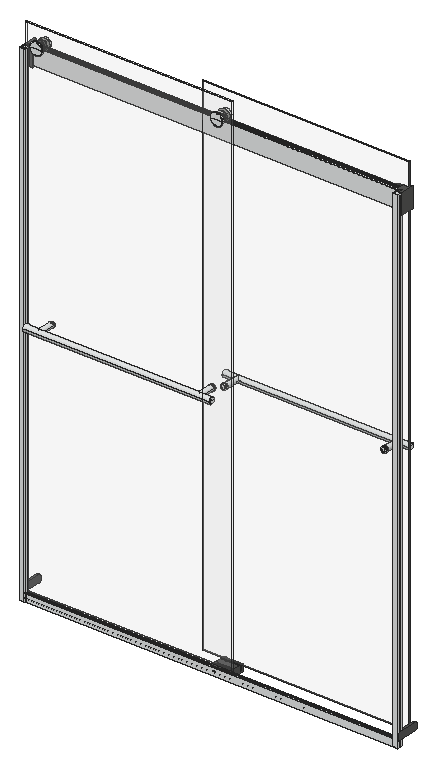
Revit family "Shower-Shower_Door-KOHLER-Levity_Plus-K-702424_1", category Specialty Equipment, host Face, Revit 2022
Family settings
  Host = Face
  Round Connector Dimension = Use Diameter
  Part Type = Normal
  OmniClass Number = 23.31.17.17
  OmniClass Title = Shower Enclosures
  Cut with Voids When Loaded = No
  Maintain Annotation Orientation = No
  Shared = No
  Room Calculation Point = No
Parameters (values of type "SHP-Bright Polished Silver")
  Width [instance] = Walk Thru + 199/256" + 31 81/256"  # 56 169/256"
  WaterSense Certified = 1 = 0  # no
  Walk Thru [instance] = 24 145/256"
  URL = "https://www.us.kohler.com/us/"
  Type = 1
  Product Page URL = "http://www.us.kohler.com/us/catalog/productDetails.jsp?productId=702424-L"
  Product Name = "Levity Plus"  # constant formula
  Product Documentation Link = "https://www.us.kohler.com/webassets/kpna/catalog/pdf/en/K-702424-L_spec_US-CA_Kohler_en.pdf"
  Model = if(Type = 1, "K-702424-L-SHP", if(Type = 2, "K-702424-L-BNK", if(Type = 3, "K-702424-L-BL", if(Type = 4, "K-702424-L-2MB", "NA"))))  # "K-702424-L-SHP"
  Material = "Premium Metal Construction"  # constant formula
  Master Format 2014 Name = "Shower Doors"  # constant formula
  Master Format 2014 = "10 28 19.16"  # constant formula
  Manufacturer Address = "444 Highland Dr, Kohler, WI 53044"  # constant formula
  Manufacturer = "KOHLER Co."  # constant formula
  Length = 6 119/128"  # constant formula
  Height = 77 143/256"  # constant formula
  Finish = Kohler-Metal-SHP-Bright_Polished_Silver
  Environmental Product Declaration = ""
  Description = "5/16 SHOWER DOOR 78 X 59 5/8 TOWEL BAR"  # constant formula
  Default Elevation = 4"
  Declare Label = ""
  Date Modified = "03/22/2022"  # constant formula
  Date Created = "03/22/2022"  # constant formula
  Copyright = "Copyright KOHLER Co."  # constant formula
  Contact Us = "https://www.us.kohler.com/us/static/contact.jsp"
  Assembly Code = "C1030200"
  ADA Compliant = 1 = 0  # no
Reference planes (in)
  plane 1 "Center (Front/Back)": y = 0
  plane 2: z = 0
  plane 3 "Center (Left/Right)": x = 0
  plane 4: x = 24.56641
  plane 5: x = 25.34402
  plane 6: x = -1.99865
  plane 7: x = -28.99865
  plane 8: x = -27.24865
  plane 9: x = -31.31614
  plane 10: x = -0.98122
  plane 11: y = 4.34261
  plane 12: y = 4.34261
  plane 13: y = 3.91774
  plane 14: y = -0.5592
  plane 15: y = -2.58708
  plane 16: z = 77.55859
  plane 17: z = 74.76536
  plane 18: z = 71.5748
  plane 19: z = 74.13386
  plane 20: x = 23.02719
  plane 21: z = 37.83465
  plane 22: y = -2.14289
  plane 23: x = -2.50477
  plane 24: x = -4.48344
  plane 25: x = 21.49523
  plane 26: x = 23.49523
  plane 27: x = -27.49125
  plane 28: x = -29.49125
  plane 29: x = -3.49125
Dimensions and locks (in)
  "Walk Thru": plane 4 to plane 3 "Center (Left/Right)"
  "Width": plane 9 to plane 5
  "Length": plane 12 to plane 15
  locked: plane 4 to plane 5 at 0.77761
  locked: plane 4 to plane 20 at 1.53921
  "Height": plane 16 to level
  locked: plane 26 to plane 5 at 1.84879
  locked: plane 25 to plane 5 at 3.84879
  locked: plane 23 to plane 25 at 24
  locked: plane 24 to plane 23 at 1.97866
  plane 18 to level = 71.5748"
  plane 19 to plane 18 = 2.55906"
  plane 21 to level = 37.83465"
  aligned and locked: plane 2 to host face
  aligned and locked: level to host face
  aligned and locked: plane 3 "Center (Left/Right)" to nested 1
  aligned and locked: plane 4 to nested 1
Automatic sketch dimensions
  host sketch curve to host sketch curve = 96"  (x2)
Nested families (in)
  nested 1: "K-702424" at (0, -0.5592, 0), type "K-702424"
Definition of nested family "K-702424"
  Parameters (values of type "K-702424")
    Width = Walk Thru + 0.77559" + 31.31496"  # 56.61811"
    Walk Thru = 24.52756"
    Material = none
    Default Elevation = 0"
  Reference planes (in)
    plane 1 "Center (Front/Back)": y = 0
    plane 2: z = 0
    plane 3 "Center (Left/Right)": x = 0
    plane 4: x = -31.3134
    plane 5: x = 24.52756
    plane 6: x = 25.30471
    plane 7 "E": x = 21.23835
    plane 8 "A": z = 74.76536
    plane 9: x = -1.99865
    plane 10: y = -2.02733
    plane 11: y = 4.9018
    plane 12: y = -1.5837
    plane 13: y = 4.47693
    plane 14 "C": x = 22.98835
    plane 15 "D": x = -4.01225
    plane 16: x = 24.96424
    plane 17 "AB": z = 77.55906
    plane 18: z = 74.76536
    plane 19: z = 71.5748
    plane 20: z = 74.13386
    plane 21 "B": z = 37.83465
    plane 22: x = -29.49125
    plane 23: x = -1.49125
    plane 24: x = 23.45638
    plane 25: x = -4.54362
    plane 26 "AC": x = -2.54362
    plane 27 "AD": x = 21.45638
    plane 28: x = -3.49125
    plane 29: x = -3.88495
  Forms (in)
    Extrusion 1, solid
      sketch origin (0, 0, 0) x (1, 0, 0) y (0, 1, 0)
        loop
          line (-31.3134, 2.37158) -> (-31.3134, 0.38563)
          arc (-31.3134, 0.38563) -> (-31.30418, 0.36336) -> (-31.28191, 0.35413) r 0.0315
          line (-31.28191, 0.35413) -> (-31.02523, 0.35413)
          arc (-31.02523, 0.35413) -> (-31.00295, 0.36336) -> (-30.99373, 0.38563) r 0.0315
          line (-30.99373, 0.38563) -> (-30.99373, 0.85734)
          arc (-30.99373, 0.85734) -> (-30.9845, 0.87961) -> (-30.96223, 0.88884) r 0.0315
          line (-30.96223, 0.88884) -> (-30.36006, 0.88884)
          arc (-30.36006, 0.88884) -> (-30.33857, 0.89774) -> (-30.32966, 0.91923) r 0.03039
          line (-30.32966, 0.91923) -> (-30.32966, 2.02115) -> (-30.99701, 2.02858) -> (-30.99701, 2.37088)
          arc (-30.99701, 2.37088) -> (-31.00624, 2.39315) -> (-31.02851, 2.40237) r 0.0315
          line (-31.02851, 2.40237) -> (-31.28261, 2.40237)
          arc (-31.28261, 2.40237) -> (-31.30439, 2.39336) -> (-31.3134, 2.37158) r 0.03079
      from 71.33897 to 74.35081
    Extrusion 2, solid, material <- "Material", detail levels medium+fine
      sketch origin (0, 0, 0) x (1, 0, 0) y (0, 1, 0)
        loop
          line (-30.99165, 0.20982) -> (-30.99165, -0.20982) -> (-30.79705, -0.20982) -> (-30.79705, -0.27247) -> (-31.25589, -0.27247) -> (-31.25589, -0.30702) -> (-30.6559, -0.32797)
          arc (-30.6559, -0.32797) -> (-30.58047, -0.29901) -> (-30.5489, -0.22464) r 0.10339
          line (-30.5489, -0.22464) -> (-30.5489, 0.22464)
          arc (-30.5489, 0.22464) -> (-30.58047, 0.29901) -> (-30.6559, 0.32797) r 0.10339
          line (-30.6559, 0.32797) -> (-31.25589, 0.30702) -> (-31.25589, 0.27247) -> (-30.79705, 0.27247) -> (-30.79705, 0.20982) -> (-30.99165, 0.20982)
        loop
          line (-31.3134, 0.20982) -> (-31.12433, 0.20982) -> (-31.12433, 0) -> (-31.12433, -0.20982) -> (-31.3134, -0.20982) -> (-31.3134, -0.25253) -> (-31.08302, -0.25253) -> (-31.08302, 0) -> (-31.08302, 0.25253) -> (-31.3134, 0.25253) -> (-31.3134, 0.20982)
      from 0.08036 to 74.31431
    Extrusion 3, solid, material <- "Material", detail levels medium+fine
      sketch origin (0, 0, 0) x (1, 0, 0) y (0, 1, 0)
        loop
          line (-30.6559, 0.32797) -> (-31.25589, 0.30702) -> (-31.25589, 0.25253) -> (-31.3134, 0.25253) -> (-31.3134, -0.25253) -> (-31.25589, -0.25253) -> (-31.25589, -0.30702) -> (-30.6559, -0.32797)
          arc (-30.6559, -0.32797) -> (-30.58047, -0.29901) -> (-30.5489, -0.22464) r 0.10339
          line (-30.5489, -0.22464) -> (-30.5489, 0.22464)
          arc (-30.5489, 0.22464) -> (-30.58047, 0.29901) -> (-30.6559, 0.32797) r 0.10339
      from 74.31431 to 74.35081
    Extrusion 4, solid
      sketch origin (0, 0, 0) x (0, 1, 0) y (0, 0, 1)
        loop
          line (2.917, 2.13263) -> (-0.20982, 2.13263) -> (-0.20982, 1.05663) -> (2.93672, 1.05663)
          arc (2.93672, 1.05663) -> (3.10579, 1.12666) -> (3.17581, 1.29573) r 0.23909
          line (3.17581, 1.29573) -> (3.17581, 1.87382)
          arc (3.17581, 1.87382) -> (3.10001, 2.05683) -> (2.917, 2.13263) r 0.25882
      from -30.99165 to -31.3134
    Extrusion 5, solid, material <- "Material"
      sketch origin (0, 0, 0) x (0, 1, 0) y (0, 0, 1)
        loop
          arc (0, 0.33997) -> (0.03474, 0.38326) -> (0.08453, 0.35871) r 0.04434
          line (0.08453, 0.35871) -> (0.11423, 0.29502)
          arc (0.11423, 0.29502) -> (0.14686, 0.27839) -> (0.17089, 0.30603) r 0.02975
          line (0.17089, 0.30603) -> (0.20017, 0.86474)
          arc (0.20017, 0.86474) -> (0.19197, 0.88698) -> (0.17019, 0.89634) r 0.03002
          line (0.17019, 0.89634) -> (0.02343, 0.89634)
          arc (0.02343, 0.89634) -> (-0.02199, 0.94176) -> (0.02343, 0.98718) r 0.04542
          line (0.02343, 0.98718) -> (0.19567, 0.98718)
          arc (0.19567, 0.98718) -> (0.19347, 1.02749) -> (0.15814, 1.04703) r 0.04169
          line (0.15814, 1.04703) -> (-0.19878, 1.04703) -> (-0.19878, 0) -> (0.49474, 0) -> (0.49474, 0.07959) -> (0.14319, 0.07959)
          arc (0.14319, 0.07959) -> (0.04194, 0.12153) -> (0, 0.22278) r 0.14319
          line (0, 0.22278) -> (0, 0.33997)
        loop
          line (0.53901, 0.96058) -> (0.10163, 0.96058)
          arc (0.10163, 0.96058) -> (0.08163, 0.94058) -> (0.10163, 0.92059) r 0.01999
          line (0.10163, 0.92059) -> (0.53901, 0.92059)
          arc (0.53901, 0.92059) -> (0.559, 0.94058) -> (0.53901, 0.96058) r 0.01999
      from -30.99165 to 24.52756
    Revolve 6, solid, material <- "Material", detail levels medium+fine
      sketch origin (27, 0, 74.76536) x (0, -1, 0) y (1, 0, 0)
        loop
          line (0.14044, -28.99865) -> (-1.79905, -28.99865) -> (-1.79905, -29.69269) -> (-1.43263, -29.69269) -> (-1.43263, -29.74488)
          arc (-1.43263, -29.74488) -> (-1.24562, -29.80339) -> (-1.05861, -29.74488) r 0.32812
          line (-1.05861, -29.74488) -> (-1.05861, -29.53477) -> (-0.92215, -29.53477) -> (-0.92215, -29.73162) -> (-0.7253, -29.73162) -> (-0.7253, -29.46245) -> (-0.36761, -29.46245) -> (-0.36761, -29.6593) -> (-0.06827, -29.6593) -> (-0.06827, -29.89414) -> (-0.02811, -29.93431) -> (0.09751, -29.93431) -> (0.14044, -29.89138) -> (0.14044, -28.99865)
        axis (0.14044, -28.99865) -> (-1.79905, -28.99865)
      angle from 0 to 360
    Revolve 7, solid, material <- "Material", detail levels medium+fine
      sketch origin (0, 0, 74.76536) x (0, -1, 0) y (1, 0, 0)
        loop
          line (0.14044, -28.99865) -> (-1.79905, -28.99865) -> (-1.79905, -29.69269) -> (-1.43263, -29.69269) -> (-1.43263, -29.74488)
          arc (-1.43263, -29.74488) -> (-1.24562, -29.80339) -> (-1.05861, -29.74488) r 0.32812
          line (-1.05861, -29.74488) -> (-1.05861, -29.53477) -> (-0.92215, -29.53477) -> (-0.92215, -29.73162) -> (-0.7253, -29.73162) -> (-0.7253, -29.46245) -> (-0.36761, -29.46245) -> (-0.36761, -29.6593) -> (-0.06827, -29.6593) -> (-0.06827, -29.89414) -> (-0.02811, -29.93431) -> (0.09751, -29.93431) -> (0.14044, -29.89138) -> (0.14044, -28.99865)
        axis (0.14044, -28.99865) -> (-1.79905, -28.99865)
      angle from 0 to 360
    Extrusion 8, solid, material <- "Material", detail levels medium+fine
      sketch origin (0, 0, 0) x (0, 1, 0) y (0, 0, 1)
        loop
          line (0.97838, 74.09449) -> (0.97838, 71.53543) -> (1.85747, 71.53543)
          arc (1.85747, 71.53543) -> (1.9, 71.55305) -> (1.91761, 71.59558) r 0.06014
          line (1.91761, 71.59558) -> (1.91761, 71.86685)
          arc (1.91761, 71.86685) -> (1.89894, 71.92322) -> (1.85029, 71.95728) r 0.0944
          line (1.85029, 71.95728) -> (1.85029, 71.88022) -> (1.65621, 71.78388) -> (1.38912, 71.90889) -> (1.38912, 73.51607)
          arc (1.38912, 73.51607) -> (1.41101, 73.5689) -> (1.46384, 73.59079) r 0.07472
          line (1.46384, 73.59079) -> (1.84605, 73.59079) -> (1.84605, 73.41713) -> (1.8957, 73.41713)
          arc (1.8957, 73.41713) -> (1.91735, 73.42609) -> (1.92632, 73.44774) r 0.03062
          line (1.92632, 73.44774) -> (1.92632, 74.04029)
          arc (1.92632, 74.04029) -> (1.91044, 74.07861) -> (1.87212, 74.09449) r 0.0542
          line (1.87212, 74.09449) -> (1.69975, 74.09449) -> (1.69975, 74.01045) -> (1.81407, 74.01045)
          arc (1.81407, 74.01045) -> (1.84489, 73.99768) -> (1.85765, 73.96686) r 0.04358
          line (1.85765, 73.96686) -> (1.85765, 73.8136) -> (1.31287, 73.8136) -> (1.31287, 73.88222) -> (1.44737, 73.94211) -> (1.44737, 73.98613)
          arc (1.44737, 73.98613) -> (1.43926, 74.00107) -> (1.42231, 74.0024) r 0.01781
          line (1.42231, 74.0024) -> (1.24538, 73.92362) -> (1.04592, 74.01243) -> (1.04592, 74.07466)
          arc (1.04592, 74.07466) -> (1.04011, 74.08868) -> (1.02609, 74.09449) r 0.01983
          line (1.02609, 74.09449) -> (0.97838, 74.09449)
      from -30.58824 to 24.52756
    Extrusion 9, solid
      sketch origin (0, 0, 74.76536) x (0, -1, 0) y (1, 0, 0)
        loop
          line (-0.7253, -0.06152) -> (-0.7253, -30.93579)
          arc (-0.7253, -30.93579) -> (-0.5693, -30.99187) -> (-0.4133, -30.93579) r 0.24502
          line (-0.4133, -30.93579) -> (-0.4133, -0.06152)
          arc (-0.4133, -0.06152) -> (-0.5693, 0.00135) -> (-0.7253, -0.06152) r 0.225
      from 2.7937 to -73.70872
    Extrusion 10, solid
      sketch origin (0, 0, 0) x (0, 1, 0) y (0, 0, 1)
        loop
          line (2.79395, 0) -> (2.73913, 1.04611)
          arc (2.73913, 1.04611) -> (2.73201, 1.06155) -> (2.71622, 1.06785) r 0.02294
          line (2.71622, 1.06785) -> (2.58256, 1.06785)
          arc (2.58256, 1.06785) -> (2.56781, 1.06181) -> (2.56152, 1.04717) r 0.02105
          line (2.56152, 1.04717) -> (2.54725, 0.22974)
          arc (2.54725, 0.22974) -> (2.52045, 0.16735) -> (2.45761, 0.14164) r 0.08966
          line (2.45761, 0.14164) -> (2.27292, 0.14164)
          arc (2.27292, 0.14164) -> (2.21358, 0.16532) -> (2.18684, 0.22333) r 0.0862
          line (2.18684, 0.22333) -> (2.14487, 1.02412)
          arc (2.14487, 1.02412) -> (2.13055, 1.05518) -> (2.09879, 1.06785) r 0.04614
          line (2.09879, 1.06785) -> (1.06637, 1.06785)
          arc (1.06637, 1.06785) -> (1.03461, 1.05518) -> (1.02029, 1.02412) r 0.04614
          line (1.02029, 1.02412) -> (0.97833, 0.22333)
          arc (0.97833, 0.22333) -> (0.95158, 0.16532) -> (0.89225, 0.14164) r 0.0862
          line (0.89225, 0.14164) -> (0.70755, 0.14164)
          arc (0.70755, 0.14164) -> (0.64471, 0.16735) -> (0.61791, 0.22974) r 0.08966
          line (0.61791, 0.22974) -> (0.60364, 1.04717)
          arc (0.60364, 1.04717) -> (0.59735, 1.06181) -> (0.5826, 1.06785) r 0.02105
          line (0.5826, 1.06785) -> (0.30693, 1.06785) -> (0.30693, 0.16201) -> (0.47604, 0.16201)
          arc (0.47604, 0.16201) -> (0.50033, 0.15195) -> (0.51039, 0.12766) r 0.03435
          line (0.51039, 0.12766) -> (0.51039, 0.08994)
          arc (0.51039, 0.08994) -> (0.52098, 0.06032) -> (0.54793, 0.04411) r 0.04675
          arc (0.54793, 0.04411) -> (0.76846, 0.01105) -> (0.99117, 0) r 2.24921
          line (0.99117, 0) -> (2.79395, 0)
      from -3.12027 to -0.34077
    Revolve 11, solid, material <- "Material"
      sketch origin (-4.01225, 0, 0) x (0, 0, -1) y (0, -1, 0)
        loop
          line (-73.55511, -2.99093) -> (-73.51433, -3.03171) -> (-72.61552, -3.03171) -> (-72.61552, -1.91129) -> (-73.35161, -1.91129) -> (-73.35161, -2.16793) -> (-73.2217, -2.16793) -> (-73.2217, -2.52933) -> (-73.27972, -2.52933) -> (-73.27972, -2.82297) -> (-73.51347, -2.82297) -> (-73.55511, -2.86461) -> (-73.55511, -2.99093)
        axis (-72.61552, -1.91129) -> (-72.61552, -3.03171)
      angle from 0 to 360
    Revolve 12, solid, material <- "Material"
      sketch origin (22.98835, 0, 0) x (0, 0, -1) y (0, -1, 0)
        loop
          line (-73.55511, -2.99093) -> (-73.51433, -3.03171) -> (-72.61552, -3.03171) -> (-72.61552, -1.91129) -> (-73.35161, -1.91129) -> (-73.35161, -2.16793) -> (-73.2217, -2.16793) -> (-73.2217, -2.52933) -> (-73.27972, -2.52933) -> (-73.27972, -2.82297) -> (-73.51347, -2.82297) -> (-73.55511, -2.86461) -> (-73.55511, -2.99093)
        axis (-72.61552, -1.91129) -> (-72.61552, -3.03171)
      angle from 0 to 360
    Extrusion 13, solid
      sketch origin (0, 0, 74.76536) x (0, -1, 0) y (1, 0, 0)
        loop
          line (-2.40428, 25.30471) -> (-2.40428, 25.10325)
          arc (-2.40428, 25.10325) -> (-2.37444, 25.03121) -> (-2.30241, 25.00137) r 0.10187
          line (-2.30241, 25.00137) -> (-2.09932, 25.00137)
          arc (-2.09932, 25.00137) -> (-2.03657, 24.97538) -> (-2.01058, 24.91264) r 0.08874
          line (-2.01058, 24.91264) -> (-2.01058, 24.37646)
          arc (-2.01058, 24.37646) -> (-1.99255, 24.33292) -> (-1.949, 24.31488) r 0.06158
          line (-1.949, 24.31488) -> (-0.96774, 24.31488)
          arc (-0.96774, 24.31488) -> (-0.9202, 24.33457) -> (-0.90051, 24.38212) r 0.06723
          line (-0.90051, 24.38212) -> (-0.90051, 24.89203)
          arc (-0.90051, 24.89203) -> (-0.8829, 24.93455) -> (-0.84038, 24.95216) r 0.06013
          line (-0.84038, 24.95216) -> (-0.37453, 24.95216)
          arc (-0.37453, 24.95216) -> (-0.34132, 24.96592) -> (-0.32756, 24.99913) r 0.04697
          line (-0.32756, 24.99913) -> (-0.32756, 25.30471) -> (-2.40428, 25.30471)
      from -0.4295 to -3.42639
    Extrusion 14, solid
      sketch origin (0, 0, 0) x (0, 1, 0) y (0, 0, -1)
        loop
          arc (2.917, -2.13263) -> (3.10001, -2.05683) -> (3.17581, -1.87382) r 0.25882
          line (3.17581, -1.87382) -> (3.17581, -1.29573)
          arc (3.17581, -1.29573) -> (3.10579, -1.12666) -> (2.93672, -1.05663) r 0.23909
          line (2.93672, -1.05663) -> (-0.23901, -1.05663) -> (-0.23901, -2.13263) -> (2.917, -2.13263)
      from -24.96424 to -25.30471
    Extrusion 15, solid, material <- "Material"
      sketch origin (0, 0, 74.76536) x (0, -1, 0) y (1, 0, 0)
        loop
          line (-0.32756, 24.52756) -> (0.31775, 24.52756) -> (0.31775, 25.30471) -> (0.23901, 25.30471) -> (0.23901, 24.6063) -> (-0.24882, 24.6063) -> (-0.24882, 25.30471) -> (-0.32756, 25.30471) -> (-0.32756, 24.52756)
      from -74.68499 to -0.5382
    Extrusion 16, solid, material <- "Material"
      sketch origin (0, 0, 0) x (1, 0, 0) y (0, 1, 0)
        loop
          line (25.30471, 0.32756) -> (24.52756, 0.32756) -> (24.52756, -0.31775) -> (25.30471, -0.31775) -> (25.30471, 0.32756)
      from 74.33586 to 74.22715
    Extrusion 17, solid
      sketch origin (0, 0, 74.76536) x (0, -1, 0) y (1, 0, 0)
        loop
          arc (-2.47993, -5.94879) -> (-2.32393, -6.01166) -> (-2.16793, -5.94879) r 0.225
          line (-2.16793, -5.94879) -> (-2.16793, 24.917)
          arc (-2.16793, 24.917) -> (-2.18177, 24.95041) -> (-2.21518, 24.96424) r 0.04724
          line (-2.21518, 24.96424) -> (-2.43259, 24.96424)
          arc (-2.43259, 24.96424) -> (-2.46607, 24.95038) -> (-2.47993, 24.9169) r 0.04735
          line (-2.47993, 24.9169) -> (-2.47993, -5.94879)
      from -73.70872 to 2.7937
    Extrusion 18, solid, material <- "Material", detail levels coarse
      sketch origin (0, 0, 74.76536) x (0, -1, 0) y (1, 0, 0)
        loop
          line (-0.32797, -30.5489) -> (-0.32797, -31.3134) -> (0.32797, -31.3134) -> (0.32797, -30.5489) -> (-0.32797, -30.5489)
      from -74.68499 to -0.45105
    Revolve 19, solid, material <- "Material", detail levels coarse
      sketch origin (0, 0, 74.76536) x (0, -1, 0) y (1, 0, 0)
        loop
          line (0.14044, -28.99865) -> (-1.79905, -28.99865) -> (-1.79905, -29.69269) -> (-1.43263, -29.69269) -> (-1.43263, -29.74488) -> (-1.05861, -29.74488) -> (-1.05861, -29.53477) -> (-0.92215, -29.53477) -> (-0.92215, -29.73162) -> (-0.7253, -29.73162) -> (-0.7253, -29.6593) -> (-0.06827, -29.6593) -> (-0.06827, -29.93431) -> (0.14044, -29.93431) -> (0.14044, -28.99865)
        axis (-1.79905, -28.99865) -> (0.14044, -28.99865)
      angle from 0 to 360
    Revolve 20, solid, material <- "Material", detail levels coarse
      sketch origin (27, 0, 74.76536) x (0, -1, 0) y (1, 0, 0)
        loop
          line (0.14044, -28.99865) -> (-1.79905, -28.99865) -> (-1.79905, -29.69269) -> (-1.43263, -29.69269) -> (-1.43263, -29.74488) -> (-1.05861, -29.74488) -> (-1.05861, -29.53477) -> (-0.92215, -29.53477) -> (-0.92215, -29.73162) -> (-0.7253, -29.73162) -> (-0.7253, -29.6593) -> (-0.06827, -29.6593) -> (-0.06827, -29.93431) -> (0.14044, -29.93431) -> (0.14044, -28.99865)
        axis (-1.79905, -28.99865) -> (0.14044, -28.99865)
      angle from 0 to 360
    Extrusion 21, solid, material <- "Material", detail levels coarse
      sketch origin (0, 0, 0) x (0, 1, 0) y (0, 0, 1)
        loop
          line (0.97838, 74.09449) -> (0.97838, 71.53543) -> (1.92632, 71.53543) -> (1.92632, 74.09449) -> (0.97838, 74.09449)
      from -30.5489 to 24.52756
    Revolve 22, solid, material <- "Material", detail levels medium+fine
      sketch origin (0, 0, 37.83465) x (-1, 0, 0) y (0, -1, 0)
        loop
          line (27.49125, 1.60023) -> (27.49125, -0.9988) -> (27.86283, -0.9988)
          arc (27.86283, -0.9988) -> (27.87865, -0.99224) -> (27.8852, -0.97642) r 0.02237
          line (27.8852, -0.97642) -> (27.8852, -0.77957)
          arc (27.8852, -0.77957) -> (27.88008, -0.76164) -> (27.86625, -0.74911) r 0.03397
          line (27.86625, -0.74911) -> (27.86625, 1.60023) -> (27.49125, 1.60023)
        axis (27.49125, 1.60023) -> (27.49125, -0.9988)
      angle from 0 to 360
    Revolve 23, solid, material <- "Material", detail levels medium+fine
      sketch origin (0, 0, 37.83465) x (-1, 0, 0) y (0, -1, 0)
        loop
          line (29.49125, 1.5837) -> (29.49125, 1.97634) -> (29.44026, 2.02733) -> (1.54212, 2.02733) -> (1.49125, 1.97646) -> (1.49125, 1.5837) -> (29.49125, 1.5837)
        axis (29.49125, 1.5837) -> (1.49125, 1.5837)
      angle from 0 to 360
    Revolve 24, solid, material <- "Material"
      sketch origin (-2.54362, 0, 0) x (0, 1, 0) y (0, 0, 1)
        loop
          line (4.47693, 37.83465) -> (4.47693, 38.23961) -> (2.11192, 38.23961)
          arc (2.11192, 38.23961) -> (2.0961, 38.25064) -> (2.07721, 38.25453) r 0.04782
          line (2.07721, 38.25453) -> (1.88731, 38.25453)
          arc (1.88731, 38.25453) -> (1.86932, 38.24708) -> (1.86187, 38.22909) r 0.02544
          line (1.86187, 38.22909) -> (1.86187, 37.83465) -> (4.47693, 37.83465)
        axis (1.86187, 37.83465) -> (4.47693, 37.83465)
      angle from 0 to 360
    Revolve 25, solid, material <- "Material"
      sketch origin (21.45638, 0, 0) x (0, 1, 0) y (0, 0, 1)
        loop
          line (4.47693, 37.83465) -> (4.47693, 38.23961) -> (2.11192, 38.23961)
          arc (2.11192, 38.23961) -> (2.0961, 38.25064) -> (2.07721, 38.25453) r 0.04782
          line (2.07721, 38.25453) -> (1.88731, 38.25453)
          arc (1.88731, 38.25453) -> (1.86932, 38.24708) -> (1.86187, 38.22909) r 0.02544
          line (1.86187, 38.22909) -> (1.86187, 37.83465) -> (4.47693, 37.83465)
        axis (1.86187, 37.83465) -> (4.47693, 37.83465)
      angle from 0 to 360
    Revolve 26, solid, material <- "Material", detail levels medium+fine
      sketch origin (0, 0, 37.83465) x (-1, 0, 0) y (0, -1, 0)
        loop
          line (4.54362, -4.47693) -> (-23.45638, -4.47693) -> (-23.45638, -4.84813) -> (-23.40271, -4.9018) -> (4.49152, -4.9018) -> (4.54362, -4.8497) -> (4.54362, -4.47693)
        axis (4.54362, -4.47693) -> (-23.45638, -4.47693)
      angle from 0 to 360
    Revolve 27, solid, material <- "Material", detail levels medium+fine
      sketch origin (0, 0, 37.83465) x (-1, 0, 0) y (0, -1, 0)
        loop
          line (3.49125, -1.03361) -> (3.88173, -1.03361)
          arc (3.88173, -1.03361) -> (3.90934, -1.02218) -> (3.92077, -0.99457) r 0.03905
          line (3.92077, -0.99457) -> (3.92077, -0.78351)
          arc (3.92077, -0.78351) -> (3.9111, -0.74933) -> (3.88495, -0.7253) r 0.0652
          line (3.88495, -0.7253) -> (3.88495, 1.5837) -> (3.49125, 1.5837) -> (3.49125, -1.03361)
        axis (3.49125, -1.03361) -> (3.49125, 1.5837)
      angle from 0 to 360
    Revolve 28, solid, material <- "Material", detail levels coarse
      sketch origin (0, 0, 37.83465) x (-1, 0, 0) y (0, -1, 0)
        loop
          line (27.86625, -0.97838) -> (27.86625, 1.5837) -> (27.49125, 1.5837) -> (27.49125, -0.97838) -> (27.86625, -0.97838)
        axis (27.49125, -0.97838) -> (27.49125, 1.5837)
      angle from 0 to 360
    Revolve 29, solid, material <- "Material", detail levels coarse
      sketch origin (0, 0, 37.83465) x (-1, 0, 0) y (0, -1, 0)
        loop
          line (3.49125, -0.97838) -> (3.88495, -0.97838) -> (3.88495, 1.5837) -> (3.49125, 1.5837) -> (3.49125, -0.97838)
        axis (3.49125, -0.97838) -> (3.49125, 1.5837)
      angle from 0 to 360
    Revolve 30, solid, material <- "Material", detail levels coarse
      sketch origin (0, 0, 37.83465) x (-1, 0, 0) y (0, -1, 0)
        loop
          line (29.49125, 1.5837) -> (29.49125, 2.02733) -> (1.49125, 2.02733) -> (1.49125, 1.5837) -> (29.49125, 1.5837)
        axis (1.49125, 1.5837) -> (29.49125, 1.5837)
      angle from 0 to 360
    Revolve 31, solid, material <- "Material", detail levels coarse
      sketch origin (0, 0, 37.83465) x (-1, 0, 0) y (0, -1, 0)
        loop
          line (4.54362, -4.47693) -> (-23.45638, -4.47693) -> (-23.45638, -4.9018) -> (4.54362, -4.9018) -> (4.54362, -4.47693)
        axis (-23.45638, -4.47693) -> (4.54362, -4.47693)
      angle from 0 to 360
  Cuts and joins
    joined: Extrusion 2, Extrusion 3
    joined: Extrusion 15, Extrusion 16
  Lines and regions (in)
    Masking region 1
      outline origin (22.98835, 0, 0) x (0, 0, -1) y (0, -1, 0)
        loop
          line (-77.55906, -0.4133) -> (-77.55906, -0.7253) -> (-75.49833, -0.7253) -> (-75.49833, -0.92215) -> (-75.30147, -0.92215) -> (-75.30147, -1.05861) -> (-75.51158, -1.05861)
          arc (-75.51158, -1.05861) -> (-75.57352, -1.24562) -> (-75.51158, -1.43263) r 0.31327
          line (-75.51158, -1.43263) -> (-75.45939, -1.43263) -> (-75.45939, -1.79905) -> (-74.31431, -1.79905) -> (-74.31431, -2.16793) -> (-77.55906, -2.16793) -> (-77.55906, -2.47993) -> (-73.22175, -2.47993) -> (-73.22175, -2.52933) -> (-73.27972, -2.52933) -> (-73.27972, -2.82297) -> (-73.51347, -2.82297) -> (-73.55511, -2.86461) -> (-73.55511, -2.99093) -> (-73.51433, -3.03171) -> (-71.71672, -3.03171) -> (-71.67593, -2.99093) -> (-71.67593, -2.86461) -> (-71.71758, -2.82297) -> (-71.95133, -2.82297) -> (-71.95133, -2.52933) -> (-72.00929, -2.52933) -> (-72.00929, -2.47993) -> (-46.22291, -2.47993) -> (-38.23961, -2.47993) -> (-38.23961, -4.27273)
          arc (-38.23961, -4.27273) -> (-38.20872, -4.69773) -> (-37.83465, -4.9018) r 0.44488
          arc (-37.83465, -4.9018) -> (-37.46057, -4.69773) -> (-37.42969, -4.27273) r 0.44488
          line (-37.42969, -4.27273) -> (-37.42969, -2.47993) -> (-33.22291, -2.47993) -> (-2.13263, -2.47993) -> (-2.13263, -2.917)
          arc (-2.13263, -2.917) -> (-2.05683, -3.10001) -> (-1.87382, -3.17581) r 0.25882
          line (-1.87382, -3.17581) -> (-1.29573, -3.17581)
          arc (-1.29573, -3.17581) -> (-1.12666, -3.10579) -> (-1.05663, -2.93672) r 0.23909
          line (-1.05663, -2.93672) -> (-1.05663, -2.73858) -> (0, -2.79395) -> (0, -0.99117)
          arc (0, -0.99117) -> (-0.01105, -0.76846) -> (-0.04411, -0.54793) r 2.24921
          arc (-0.04411, -0.54793) -> (-0.06032, -0.52098) -> (-0.08994, -0.51039) r 0.04675
          line (-0.08994, -0.51039) -> (-0.12766, -0.51039)
          arc (-0.12766, -0.51039) -> (-0.15195, -0.50033) -> (-0.16201, -0.47604) r 0.03435
          line (-0.16201, -0.47604) -> (-0.16201, -0.32756) -> (-0.07959, -0.32756) -> (-0.07959, -0.49474) -> (0, -0.49474) -> (0, 0.19878) -> (-0.08036, 0.19878) -> (-0.08036, 0.32803) -> (-33.22291, 0.32803) -> (-37.45778, 0.32803) -> (-37.45778, 1.34964)
          arc (-37.45778, 1.34964) -> (-37.44693, 1.79931) -> (-37.83465, 2.02733) r 0.44363
          arc (-37.83465, 2.02733) -> (-38.22236, 1.79931) -> (-38.21151, 1.34964) r 0.44363
          line (-38.21151, 1.34964) -> (-38.21151, 0.32803) -> (-46.22291, 0.32803) -> (-74.35081, 0.32803) -> (-74.35081, 0.14044) -> (-75.65808, 0.14044) -> (-75.70105, 0.09747) -> (-75.70105, -0.02728) -> (-75.66006, -0.06827) -> (-75.42601, -0.06827) -> (-75.42601, -0.36761) -> (-75.22916, -0.36761) -> (-75.22916, -0.4133) -> (-77.55906, -0.4133)
        loop
          line (-1.05663, -0.7253) -> (-1.05663, -1.03622)
          arc (-1.05663, -1.03622) -> (-1.04201, -1.02494) -> (-1.02412, -1.02029) r 0.04614
          line (-1.02412, -1.02029) -> (-0.22333, -0.97833)
          arc (-0.22333, -0.97833) -> (-0.16532, -0.95158) -> (-0.14164, -0.89225) r 0.0862
          line (-0.14164, -0.89225) -> (-0.14164, -0.70755)
          arc (-0.14164, -0.70755) -> (-0.16735, -0.64471) -> (-0.22974, -0.61791) r 0.08966
          line (-0.22974, -0.61791) -> (-0.72015, -0.60935) -> (-0.72015, -0.7253) -> (-1.05663, -0.7253)
        loop
          arc (-0.22974, -2.54725) -> (-0.16735, -2.52045) -> (-0.14164, -2.45761) r 0.08966
          line (-0.14164, -2.45761) -> (-0.14164, -2.27292)
          arc (-0.14164, -2.27292) -> (-0.16532, -2.21358) -> (-0.22333, -2.18684) r 0.0862
          line (-0.22333, -2.18684) -> (-0.70459, -2.16162) -> (-0.70459, -2.47993) -> (-1.05663, -2.47993) -> (-1.05663, -2.56169) -> (-0.22974, -2.54725)
        loop
          line (-2.13263, -0.7253) -> (-33.09741, -0.7253) -> (-37.45778, -0.7253)
          arc (-37.45778, -0.7253) -> (-37.44454, -0.7541) -> (-37.44, -0.78546) r 0.11066
          line (-37.44, -0.78546) -> (-37.44, -0.97254)
          arc (-37.44, -0.97254) -> (-37.44761, -0.99092) -> (-37.46599, -0.99854) r 0.026
          line (-37.46599, -0.99854) -> (-37.83465, -0.99854) -> (-38.2033, -0.99854)
          arc (-38.2033, -0.99854) -> (-38.22168, -0.99092) -> (-38.22929, -0.97254) r 0.026
          line (-38.22929, -0.97254) -> (-38.22929, -0.78546)
          arc (-38.22929, -0.78546) -> (-38.22476, -0.7541) -> (-38.21151, -0.7253) r 0.11066
          line (-38.21151, -0.7253) -> (-46.09741, -0.7253) -> (-71.34041, -0.7253) -> (-71.34041, -2.16793) -> (-46.09741, -2.16793) -> (-38.23961, -2.16793) -> (-38.23961, -2.11192)
          arc (-38.23961, -2.11192) -> (-38.25084, -2.09466) -> (-38.25478, -2.07445) r 0.05385
          line (-38.25478, -2.07445) -> (-38.25478, -1.88855)
          arc (-38.25478, -1.88855) -> (-38.24696, -1.86968) -> (-38.22808, -1.86186) r 0.02669
          line (-38.22808, -1.86186) -> (-37.83465, -1.86186) -> (-37.44121, -1.86186)
          arc (-37.44121, -1.86186) -> (-37.42233, -1.86968) -> (-37.41451, -1.88855) r 0.02669
          line (-37.41451, -1.88855) -> (-37.41451, -2.07445)
          arc (-37.41451, -2.07445) -> (-37.41845, -2.09466) -> (-37.42969, -2.11192) r 0.05385
          line (-37.42969, -2.11192) -> (-37.42969, -2.16793) -> (-33.09741, -2.16793) -> (-2.13263, -2.16793) -> (-2.13263, -0.7253)
        loop
          line (-33.22291, -0.4133) -> (-2.13263, -0.4133) -> (-2.13263, -0.32756) -> (-33.22291, -0.32756) -> (-37.45778, -0.32756) -> (-37.45778, -0.4133) -> (-33.22291, -0.4133)
        loop
          line (-71.34041, -0.32756) -> (-71.34041, -0.4133) -> (-46.22291, -0.4133) -> (-38.21151, -0.4133) -> (-38.21151, -0.32756) -> (-46.22291, -0.32756) -> (-71.34041, -0.32756)
    Masking region 2
      outline origin (0, 0, 0) x (1, 0, 0) y (0, 0, 1)
        loop
          line (-30.99192, 77.55906) -> (-30.99192, 74.35081) -> (-31.3134, 74.35081) -> (-31.3134, 0.08036) -> (-30.99165, 0.08036) -> (-30.99165, 0) -> (24.52756, 0) -> (24.52756, 0.07959) -> (25.30471, 0.07959) -> (25.30471, 74.33586) -> (24.96424, 74.33586) -> (24.96424, 77.55906) -> (-30.99192, 77.55906)
    Masking region 3
      outline origin (0, 0, 74.76536) x (0, -1, 0) y (1, 0, 0)
        loop
          line (-3.17581, -31.3134) -> (0.32797, -31.3134) -> (0.32797, -30.5489) -> (0.19878, -30.5489) -> (0.19878, -27.86625) -> (1.14006, -27.86625) -> (1.14006, -29.44026) -> (1.19105, -29.49125) -> (1.97634, -29.49125) -> (2.02733, -29.44026) -> (2.02733, -1.54212) -> (1.97646, -1.49125) -> (1.19093, -1.49125) -> (1.14006, -1.54212) -> (1.14006, -3.09755) -> (0.19878, -3.09755) -> (0.19878, 24.52756) -> (0.31775, 24.52756) -> (0.31775, 25.30471) -> (-3.17581, 25.30471) -> (-3.17581, 24.96424) -> (-2.02713, 24.96424)
          arc (-2.02713, 24.96424) -> (-2.01482, 24.93973) -> (-2.01058, 24.91264) r 0.08874
          line (-2.01058, 24.91264) -> (-2.01058, 24.37646)
          arc (-2.01058, 24.37646) -> (-1.98368, 24.32557) -> (-1.92648, 24.31915) r 0.06158
          line (-1.92648, 24.31915) -> (-1.92648, -0.34077) -> (-2.79395, -0.34077) -> (-2.79395, -3.12027) -> (-1.92648, -3.12027) -> (-1.92648, -30.32966) -> (-2.02115, -30.32966) -> (-2.02852, -30.99165) -> (-3.17581, -30.99165) -> (-3.17581, -31.3134)
        loop
          line (-0.88884, -30.36006) -> (-0.88884, -30.96198)
          arc (-0.88884, -30.96198) -> (-0.88008, -30.98312) -> (-0.85894, -30.99187) r 0.0299
          line (-0.85894, -30.99187) -> (-0.5693, -30.99187)
          arc (-0.5693, -30.99187) -> (-0.65219, -30.97743) -> (-0.7253, -30.93579) r 0.24502
          line (-0.7253, -30.93579) -> (-0.7253, -29.73162) -> (-0.92215, -29.73162) -> (-0.92215, -29.53477) -> (-0.97838, -29.53477) -> (-0.97838, -30.32966) -> (-0.91923, -30.32966)
          arc (-0.91923, -30.32966) -> (-0.89774, -30.33857) -> (-0.88884, -30.36006) r 0.03039
        loop
          line (-0.7253, -28.26569) -> (-0.7253, -27.86592)
          arc (-0.7253, -27.86592) -> (-0.74611, -27.88101) -> (-0.77125, -27.88635) r 0.06188
          line (-0.77125, -27.88635) -> (-0.97838, -27.88635) -> (-0.97838, -28.46254) -> (-0.92215, -28.46254) -> (-0.92215, -28.26569) -> (-0.7253, -28.26569)
        loop
          line (-0.97838, -3.88495) -> (-0.97838, -27.09615) -> (-0.77125, -27.09615)
          arc (-0.77125, -27.09615) -> (-0.74611, -27.10149) -> (-0.7253, -27.11658) r 0.06188
          line (-0.7253, -27.11658) -> (-0.7253, -3.88495) -> (-0.97838, -3.88495)
        loop
          line (-0.97838, 24.31573) -> (-0.97838, -0.34077) -> (-0.7253, -0.34077) -> (-0.7253, -0.06152)
          arc (-0.7253, -0.06152) -> (-0.64869, -0.01312) -> (-0.5592, 0.00112) r 0.225
          line (-0.5592, 0.00112) -> (-0.5592, 24.52756) -> (-0.32756, 24.52756) -> (-0.32756, 24.99913)
          arc (-0.32756, 24.99913) -> (-0.34132, 24.96592) -> (-0.37453, 24.95216) r 0.04697
          line (-0.37453, 24.95216) -> (-0.84038, 24.95216)
          arc (-0.84038, 24.95216) -> (-0.8829, 24.93455) -> (-0.90051, 24.89203) r 0.06013
          line (-0.90051, 24.89203) -> (-0.90051, 24.38212)
          arc (-0.90051, 24.38212) -> (-0.92412, 24.33095) -> (-0.97838, 24.31573) r 0.06723
        loop
          line (1.14006, -27.11625) -> (1.14006, -3.88495) -> (0.19878, -3.88495) -> (0.19878, -27.11625) -> (1.14006, -27.11625)
    Masking region 4
      outline origin (0, 0, 74.76536) x (0, -1, 0) y (1, 0, 0)
        loop
          line (-3.03171, -4.91105) -> (-2.99102, -4.95175) -> (-2.86452, -4.95175) -> (-2.82297, -4.91019) -> (-2.82297, -4.67644) -> (-2.52933, -4.67644) -> (-2.52933, -4.61843) -> (-2.47993, -4.61843) -> (-2.47993, -5.94879)
          arc (-2.47993, -5.94879) -> (-2.32393, -6.01166) -> (-2.16793, -5.94879) r 0.225
          line (-2.16793, -5.94879) -> (-2.16793, -4.74834) -> (-1.92667, -4.74834) -> (-1.92667, -4.01225) -> (-1.92667, -3.27616) -> (-2.16793, -3.27616) -> (-2.16793, -2.94858) -> (-1.92648, -2.94858) -> (-1.92648, -2.13866) -> (-2.16793, -2.13866) -> (-2.16793, 21.05142) -> (-1.92632, 21.05142) -> (-1.92632, 21.86134) -> (-2.16793, 21.86134) -> (-2.16793, 22.25226) -> (-1.92648, 22.25226) -> (-1.92648, 23.72444) -> (-2.16793, 23.72444) -> (-2.16793, 24.92139)
          arc (-2.16793, 24.92139) -> (-2.18048, 24.95169) -> (-2.21078, 24.96424) r 0.04285
          line (-2.21078, 24.96424) -> (-2.43136, 24.96424)
          arc (-2.43136, 24.96424) -> (-2.46571, 24.95002) -> (-2.47993, 24.91568) r 0.04857
          line (-2.47993, 24.91568) -> (-2.47993, 23.59452) -> (-2.52933, 23.59452) -> (-2.52933, 23.65254) -> (-2.82297, 23.65254) -> (-2.82297, 23.88629) -> (-2.86527, 23.9286) -> (-2.99027, 23.9286) -> (-3.03171, 23.88715) -> (-3.03171, 22.98835) -> (-3.03171, 22.08954) -> (-2.99027, 22.04809) -> (-2.86527, 22.04809) -> (-2.82297, 22.0904) -> (-2.82297, 22.32415) -> (-2.52933, 22.32415) -> (-2.52933, 22.38217) -> (-2.47993, 22.38217) -> (-2.47993, 21.86134) -> (-4.05206, 21.86134) -> (-4.05206, 23.40271) -> (-4.10573, 23.45638) -> (-4.84813, 23.45638) -> (-4.9018, 23.40271) -> (-4.9018, -4.49152) -> (-4.8497, -4.54362) -> (-4.10417, -4.54362) -> (-4.05206, -4.49152) -> (-4.05206, -2.94858) -> (-2.47993, -2.94858) -> (-2.47993, -3.40607) -> (-2.52933, -3.40607) -> (-2.52933, -3.34806) -> (-2.82297, -3.34806) -> (-2.82297, -3.11431) -> (-2.86452, -3.07276) -> (-2.99102, -3.07276) -> (-3.03171, -3.11345) -> (-3.03171, -4.01225) -> (-3.03171, -4.91105)
        loop
          line (-4.05206, -2.13866) -> (-2.47993, -2.13866) -> (-2.47993, 21.05142) -> (-4.05206, 21.05142) -> (-4.05206, -2.13866)
    symbolic lines, detail levels medium+fine
      curve 1: line (22.98835, 1.79905, 74.31431) -> (22.98835, 0.4133, 74.31431)
      curve 2: line (22.98835, 1.43263, 75.45939) -> (22.98835, 1.43263, 74.31431)
      curve 3: line (22.98835, 1.05861, 75.30147) -> (22.98835, 1.05861, 74.31431)
      curve 4: line (22.98835, 0.92215, 75.30147) -> (22.98835, 0.92215, 74.31431)
      curve 5: line (22.98835, 0.7253, 75.49833) -> (22.98835, 0.7253, 74.31431)
      curve 6: line (22.98835, 0.4133, 75.22916) -> (22.98835, 0.4133, 74.31431)
      curve 7: line (22.98835, 0.36761, 75.22916) -> (22.98835, 0.36761, 74.31431)
      curve 8: line (22.98835, -0.20325, 74.35081) -> (22.98835, 0.32756, 74.35081)
      curve 9: line (22.98835, 0.06827, 75.42601) -> (22.98835, 0.06827, 74.35081)
      curve 10: line (22.98835, -0.09747, 75.70105) -> (22.98835, -0.09747, 74.35081)
      curve 11: line (22.98835, 0.02728, 75.70105) -> (22.98835, 0.02728, 74.35081)
      curve 12: line (22.98835, 2.16793, 71.34041) -> (22.98835, 2.40237, 71.34041)
      curve 13: line (22.98835, 2.40237, 71.34041) -> (22.98835, 2.40237, 74.31431)
      curve 14: line (22.98835, 2.82297, 71.95133) -> (22.98835, 2.82297, 73.27972)
      curve 15: line (22.98835, 2.52933, 72.00935) -> (22.98835, 2.52933, 73.22175)
      curve 16: line (22.98835, 2.47993, 73.22175) -> (22.98835, 2.47993, 72.00929)
      curve 17: line (22.98835, 2.86461, 71.67593) -> (22.98835, 2.86461, 73.55511)
      curve 18: line (22.98835, 2.99093, 73.55511) -> (22.98835, 2.99093, 71.67593)
      curve 19: line (22.98835, 2.16793, 74.31431) -> (22.98835, 2.40237, 74.31431)
      curve 20: line (22.98835, 0.7253, 71.34041) -> (22.98835, 0.4133, 71.34041)
      curve 21: line (22.98835, 0.32756, 71.34041) -> (22.98835, 0.32756, 74.35081)
      curve 22: line (22.98835, 0.4133, 74.31431) -> (22.98835, 0.35413, 74.31431)
      curve 23: line (22.98835, 0.35413, 74.31431) -> (22.98835, 0.35413, 71.34041)
      curve 24: line (22.98835, -0.20982, 74.27749) -> (22.98835, -0.20982, 0.08036)
      curve 25: line (22.98835, 0.27247, 74.27749) -> (22.98835, -0.27247, 74.27749)
      curve 26: line (22.98835, 0.20982, 0.08036) -> (22.98835, 0.20982, 74.27749)
      curve 27: line (22.98835, 0.27247, 0.08036) -> (22.98835, 0.27247, 74.27749)
      curve 28: line (22.98835, -0.27247, 74.27749) -> (22.98835, -0.27247, 0.08036)
      curve 29: line (22.98835, 2.73858, 1.05663) -> (22.98835, 2.56169, 1.05663)
      curve 30: line (22.98835, 2.47993, 1.05663) -> (22.98835, 1.03622, 1.05663)
      curve 31: line (22.98835, 2.16793, 0.70459) -> (22.98835, 2.16793, 1.05663)
      curve 32: line (22.98835, 0.60935, 0.72015) -> (22.98835, 0.4133, 0.72015)
      curve 33: line (22.98835, 0.4133, 0.72015) -> (22.98835, 0.4133, 1.05663)
      curve 34: line (22.98835, -0.20982, 0.08036) -> (22.98835, 0.32803, 0.08036)
      curve 35: line (22.98835, 2.47993, 2.13263) -> (22.98835, 2.16793, 2.13263)
      curve 36: line (22.98835, 0.7253, 2.13263) -> (22.98835, 0.4133, 2.13263)
      curve 37: line (22.98835, 0.32756, 2.13263) -> (22.98835, 0.27247, 2.13263)
      curve 38: line (22.98835, 0.7253, 1.05663) -> (22.98835, 0.27247, 1.05663)
      curve 39: line (22.98835, 0.30693, 1.05663) -> (22.98835, 0.30693, 0.08036)
      curve 40: line (-30.99192, 0, 74.35081) -> (-30.5489, 0, 74.35081)
      curve 41: line (-30.5489, 0, 74.35081) -> (-30.5489, 0, 0.08036)
      curve 42: line (-30.99165, 0, 0.08036) -> (-30.5489, 0, 0.08036)
      curve 43: line (-30.5489, 0, 1.04703) -> (24.52756, 0, 1.04703)
      curve 44: circle (-28.99865, 0, 74.76536) r 0.93903 normal (0, -1, 0)
      curve 45: circle (-28.99865, 0, 74.76536) r 0.89273 normal (0, -1, 0)
      curve 46: circle (-1.99865, 0, 74.76536) r 0.93903 normal (0, -1, 0)
      curve 47: circle (-1.99865, 0, 74.76536) r 0.89273 normal (0, -1, 0)
      curve 48: line (0, 0, 77.55906) -> (0, 0, 1.04703)
      curve 49: line (24.96424, 0, 74.33586) -> (24.31488, 0, 74.33586)
      curve 50: line (24.31488, 0, 74.33586) -> (24.31488, 0, 71.33897)
      curve 51: line (24.31488, 0, 71.33897) -> (24.52756, 0, 71.33897)
      curve 52: line (24.52756, 0, 74.22715) -> (24.52756, 0, 0.07959)
      curve 53: line (24.52756, 0, 74.22715) -> (25.30471, 0, 74.22715)
      curve 54: line (0, 0, 74.13386) -> (24.31488, 0, 74.13386)
      curve 55: line (0, 0, 71.5748) -> (24.31488, 0, 71.5748)
      curve 56: line (-30.32966, 0.97838, 74.76536) -> (-30.32966, 1.92648, 74.76536)
      curve 57: line (-31.28261, 2.40237, 74.76536) -> (-31.02851, 2.40237, 74.76536)
      curve 58: arc (-31.31306, 2.37617, 74.76536) -> (-31.3027, 2.39492, 74.76536) -> (-31.28261, 2.40237, 74.76536) r 0.03079
      curve 59: arc (-31.02851, 2.40237, 74.76536) -> (-31.00611, 2.39539, 74.76536) -> (-30.99165, 2.37691, 74.76536) r 0.0394
      curve 60: line (-31.02523, 0.35413, 74.76536) -> (-31.28191, 0.35413, 74.76536)
      curve 61: arc (-31.3134, 0.38563, 74.76536) -> (-31.30418, 0.36336, 74.76536) -> (-31.28191, 0.35413, 74.76536) r 0.0315
      curve 62: arc (-30.99187, 0.38146, 74.76536) -> (-31.00367, 0.36184, 74.76536) -> (-31.02523, 0.35413, 74.76536) r 0.03402
      curve 63: line (-30.99187, 0.5693, 74.76536) -> (-30.99187, 0.38146, 74.76536)
      curve 64: line (-30.5489, -0.19878, 74.76536) -> (-30.5489, 0.2505, 74.76536)
      curve 65: line (-0.06152, 0.4133, 74.76536) -> (-30.93579, 0.4133, 74.76536)
      curve 66: arc (-30.93579, 0.4133, 74.76536) -> (-30.97743, 0.48642, 74.76536) -> (-30.99187, 0.5693, 74.76536) r 0.24502
      curve 67: line (-28.30462, 1.79905, 74.76536) -> (-29.69269, 1.79905, 74.76536)
      curve 68: line (-29.69269, 1.79905, 74.76536) -> (-29.69269, 1.43263, 74.76536)
      curve 69: line (-29.69269, 1.43263, 74.76536) -> (-29.74488, 1.43263, 74.76536)
      curve 70: line (-29.74488, 1.05861, 74.76536) -> (-29.53477, 1.05861, 74.76536)
      curve 71: arc (-29.74488, 1.05861, 74.76536) -> (-29.80642, 1.24562, 74.76536) -> (-29.74488, 1.43263, 74.76536) r 0.31489
      curve 72: line (-29.53477, 1.05861, 74.76536) -> (-29.53477, 0.97838, 74.76536)
      curve 73: line (-28.30462, 1.79905, 74.76536) -> (-28.30462, 1.43263, 74.76536)
      curve 74: line (-28.30462, 1.43263, 74.76536) -> (-28.25243, 1.43263, 74.76536)
      curve 75: line (-28.25243, 1.05861, 74.76536) -> (-28.46254, 1.05861, 74.76536)
      curve 76: arc (-28.25243, 1.05861, 74.76536) -> (-28.19089, 1.24562, 74.76536) -> (-28.25243, 1.43263, 74.76536) r 0.31489
      curve 77: line (-28.46254, 1.05861, 74.76536) -> (-28.46254, 0.97838, 74.76536)
      curve 78: line (-28.99865, -0.14044, 74.76536) -> (-29.89138, -0.14044, 74.76536)
      curve 79: line (-29.93431, -0.09751, 74.76536) -> (-29.93431, 0.02811, 74.76536)
      curve 80: line (-29.89414, 0.06827, 74.76536) -> (-29.6593, 0.06827, 74.76536)
      curve 81: line (-29.6593, 0.06827, 74.76536) -> (-29.6593, 0.36761, 74.76536)
      curve 82: line (-29.6593, 0.36761, 74.76536) -> (-29.46245, 0.36761, 74.76536)
      curve 83: line (-29.46245, 0.36761, 74.76536) -> (-29.46245, 0.4133, 74.76536)
      curve 84: line (-29.89138, -0.14044, 74.76536) -> (-29.93431, -0.09751, 74.76536)
      curve 85: line (-29.93431, 0.02811, 74.76536) -> (-29.89414, 0.06827, 74.76536)
      curve 86: line (-28.99865, -0.14044, 74.76536) -> (-28.10593, -0.14044, 74.76536)
      curve 87: line (-28.063, -0.09751, 74.76536) -> (-28.063, 0.02811, 74.76536)
      curve 88: line (-28.10317, 0.06827, 74.76536) -> (-28.338, 0.06827, 74.76536)
      curve 89: line (-28.338, 0.06827, 74.76536) -> (-28.338, 0.36761, 74.76536)
      curve 90: line (-28.338, 0.36761, 74.76536) -> (-28.53485, 0.36761, 74.76536)
      curve 91: line (-28.53485, 0.36761, 74.76536) -> (-28.53485, 0.4133, 74.76536)
      curve 92: line (-28.10593, -0.14044, 74.76536) -> (-28.063, -0.09751, 74.76536)
      curve 93: line (-28.063, 0.02811, 74.76536) -> (-28.10317, 0.06827, 74.76536)
      curve 94: line (-29.69269, 1.43263, 74.76536) -> (-28.30462, 1.43263, 74.76536)
      curve 95: line (-29.53477, 1.05861, 74.76536) -> (-28.46254, 1.05861, 74.76536)
      curve 96: line (-29.53477, 0.92215, 74.76536) -> (-28.46254, 0.92215, 74.76536)
      curve 97: line (-29.73162, 0.7253, 74.76536) -> (-28.26569, 0.7253, 74.76536)
      curve 98: line (-29.46245, 0.36761, 74.76536) -> (-28.53485, 0.36761, 74.76536)
      curve 99: line (-29.6593, 0.06827, 74.76536) -> (-28.338, 0.06827, 74.76536)
      curve 100: line (-29.93431, 0.02811, 74.76536) -> (-28.063, 0.02811, 74.76536)
      curve 101: line (-29.93431, -0.09751, 74.76536) -> (-28.063, -0.09751, 74.76536)
      curve 102: line (-27.88635, 0.97838, 74.76536) -> (-26.8488, 0.97838, 74.76536)
      curve 103: line (-27.86592, 0.7253, 74.76536) -> (-27.11658, 0.7253, 74.76536)
      curve 104: line (-27.88443, 0.76221, 74.76536) -> (-27.09682, 0.76221, 74.76536)
      curve 105: line (-27.86625, -0.19878, 74.76536) -> (-27.86625, 0.4133, 74.76536)
      curve 106: line (-27.11625, -0.19878, 74.76536) -> (-27.11625, 0.4133, 74.76536)
      curve 107: line (24.31833, 1.69975, 74.76536) -> (-1.30462, 1.69975, 74.76536)
      curve 108: line (-30.32966, 1.24538, 74.76536) -> (-29.80642, 1.24538, 74.76536)
      curve 109: line (-30.32966, 1.44737, 74.76536) -> (-29.6832, 1.44737, 74.76536)
      curve 110: line (-30.32966, 1.04592, 74.76536) -> (-29.53477, 1.04592, 74.76536)
      curve 111: line (-29.69269, 1.69975, 74.76536) -> (-30.32966, 1.69975, 74.76536)
      curve 112: line (-28.30462, 1.44737, 74.76536) -> (-2.69269, 1.44737, 74.76536)
      curve 113: line (-28.19089, 1.24538, 74.76536) -> (-2.80642, 1.24538, 74.76536)
      curve 114: line (-28.46254, 1.04592, 74.76536) -> (-2.53477, 1.04592, 74.76536)
      curve 115: line (-30.5489, 0.18164, 74.76536) -> (-29.6593, 0.18164, 74.76536)
      curve 116: line (-27.86625, 0.18164, 74.76536) -> (-28.338, 0.18164, 74.76536)
      curve 117: line (-27.11625, 0.18164, 74.76536) -> (-3.88495, 0.18164, 74.76536)
      curve 118: line (-1.30462, 1.79905, 74.76536) -> (-2.69269, 1.79905, 74.76536)
      curve 119: line (-2.69269, 1.79905, 74.76536) -> (-2.69269, 1.43263, 74.76536)
      curve 120: line (-2.69269, 1.43263, 74.76536) -> (-2.74488, 1.43263, 74.76536)
      curve 121: line (-2.74488, 1.05861, 74.76536) -> (-2.53477, 1.05861, 74.76536)
      curve 122: arc (-2.74488, 1.05861, 74.76536) -> (-2.80642, 1.24562, 74.76536) -> (-2.74488, 1.43263, 74.76536) r 0.31489
      curve 123: line (-2.53477, 1.05861, 74.76536) -> (-2.53477, 0.92215, 74.76536)
      curve 124: line (-1.30462, 1.79905, 74.76536) -> (-1.30462, 1.43263, 74.76536)
      curve 125: line (-1.30462, 1.43263, 74.76536) -> (-1.25243, 1.43263, 74.76536)
      curve 126: line (-1.25243, 1.05861, 74.76536) -> (-1.46254, 1.05861, 74.76536)
      curve 127: arc (-1.25243, 1.05861, 74.76536) -> (-1.19089, 1.24562, 74.76536) -> (-1.25243, 1.43263, 74.76536) r 0.31489
      curve 128: line (-1.46254, 1.05861, 74.76536) -> (-1.46254, 0.92215, 74.76536)
      curve 129: line (-1.99865, -0.14044, 74.76536) -> (-2.89138, -0.14044, 74.76536)
      curve 130: line (-2.93431, -0.09751, 74.76536) -> (-2.93431, 0.02811, 74.76536)
      curve 131: line (-2.89414, 0.06827, 74.76536) -> (-2.6593, 0.06827, 74.76536)
      curve 132: line (-2.6593, 0.06827, 74.76536) -> (-2.6593, 0.36761, 74.76536)
      curve 133: line (-2.6593, 0.36761, 74.76536) -> (-2.46245, 0.36761, 74.76536)
      curve 134: line (-2.46245, 0.36761, 74.76536) -> (-2.46245, 0.4133, 74.76536)
      curve 135: line (-2.89138, -0.14044, 74.76536) -> (-2.93431, -0.09751, 74.76536)
      curve 136: line (-2.93431, 0.02811, 74.76536) -> (-2.89414, 0.06827, 74.76536)
      curve 137: line (-1.99865, -0.14044, 74.76536) -> (-1.10593, -0.14044, 74.76536)
      curve 138: line (-1.063, -0.09751, 74.76536) -> (-1.063, 0.02811, 74.76536)
      curve 139: line (-1.10317, 0.06827, 74.76536) -> (-1.338, 0.06827, 74.76536)
      curve 140: line (-1.338, 0.06827, 74.76536) -> (-1.338, 0.36761, 74.76536)
      curve 141: line (-1.338, 0.36761, 74.76536) -> (-1.53485, 0.36761, 74.76536)
      curve 142: line (-1.53485, 0.36761, 74.76536) -> (-1.53485, 0.4133, 74.76536)
      curve 143: line (-1.10593, -0.14044, 74.76536) -> (-1.063, -0.09751, 74.76536)
      curve 144: line (-1.063, 0.02811, 74.76536) -> (-1.10317, 0.06827, 74.76536)
      curve 145: line (-2.69269, 1.43263, 74.76536) -> (-1.30462, 1.43263, 74.76536)
      curve 146: line (-2.53477, 1.05861, 74.76536) -> (-1.46254, 1.05861, 74.76536)
      curve 147: line (-2.73162, 0.92215, 74.76536) -> (-2.53477, 0.92215, 74.76536)
      curve 148: line (-3.88495, 0.7253, 74.76536) -> (-0.34077, 0.7253, 74.76536)
      curve 149: line (-2.46245, 0.36761, 74.76536) -> (-1.53485, 0.36761, 74.76536)
      curve 150: line (-2.6593, 0.06827, 74.76536) -> (-1.338, 0.06827, 74.76536)
      curve 151: line (-2.93431, 0.02811, 74.76536) -> (-1.063, 0.02811, 74.76536)
      curve 152: line (-2.93431, -0.09751, 74.76536) -> (-1.063, -0.09751, 74.76536)
      curve 153: arc (-0.06152, 0.4133, 74.76536) -> (-0.0169, 0.48054, 74.76536) -> (0.00112, 0.5592, 74.76536) r 0.225
      curve 154: line (-2.73162, 0.92215, 74.76536) -> (-2.73162, 0.7253, 74.76536)
      curve 155: line (-1.26569, 0.92215, 74.76536) -> (-1.46254, 0.92215, 74.76536)
      curve 156: line (-1.26569, 0.92215, 74.76536) -> (-1.26569, 0.7253, 74.76536)
      curve 157: line (-2.69269, 1.69975, 74.76536) -> (-28.30462, 1.69975, 74.76536)
      curve 158: line (-1.30462, 1.44737, 74.76536) -> (24.31742, 1.44737, 74.76536)
      curve 159: line (-1.19089, 1.24538, 74.76536) -> (24.31669, 1.24538, 74.76536)
      curve 160: line (-1.46254, 1.04592, 74.76536) -> (24.31597, 1.04592, 74.76536)
      curve 161: line (-2.53477, 0.92215, 74.76536) -> (-1.46254, 0.92215, 74.76536)
      curve 162: line (-3.12027, 1.92648, 74.76536) -> (-0.34077, 1.92648, 74.76536)
      curve 163: line (24.52756, 0.18164, 74.76536) -> (-1.338, 0.18164, 74.76536)
      curve 164: line (24.52756, -0.19878, 74.76536) -> (24.52756, 0.32756, 74.76536)
      curve 165: line (24.31915, 1.92648, 74.76536) -> (24.31573, 0.97838, 74.76536)
      curve 166: line (25.10325, 2.40428, 74.76536) -> (25.30471, 2.40428, 74.76536)
      curve 167: arc (25.10325, 2.40428, 74.76536) -> (25.03121, 2.37444, 74.76536) -> (25.00137, 2.30241, 74.76536) r 0.10187
      curve 168: line (25.00137, 2.09932, 74.76536) -> (25.00137, 2.30241, 74.76536)
      curve 169: arc (24.96424, 2.02713, 74.76536) -> (24.99155, 2.05873, 74.76536) -> (25.00137, 2.09932, 74.76536) r 0.08874
      curve 170: line (24.99913, 0.32756, 74.76536) -> (25.30471, 0.32756, 74.76536)
      curve 171: line (-0.34077, 0.97838, 74.76536) -> (-1.46254, 0.97838, 74.76536)
      curve 172: line (-3.88495, 0.97838, 74.76536) -> (-2.53477, 0.97838, 74.76536)
      curve 173: line (-4.67644, 2.82297, 74.76536) -> (-3.34806, 2.82297, 74.76536)
      curve 174: line (-4.61843, 2.52933, 74.76536) -> (-3.40607, 2.52933, 74.76536)
      curve 175: line (-4.61843, 2.47993, 74.76536) -> (-3.40607, 2.47993, 74.76536)
      curve 176: line (-4.95175, 2.86452, 74.76536) -> (-3.07276, 2.86452, 74.76536)
      curve 177: line (-3.07276, 2.99102, 74.76536) -> (-4.95175, 2.99102, 74.76536)
      curve 178: line (-4.74834, 2.16793, 74.76536) -> (-3.27616, 2.16793, 74.76536)
      curve 179: line (21.05142, 2.47993, 74.76536) -> (21.86134, 2.47993, 74.76536)
      curve 180: line (22.32415, 2.82297, 74.76536) -> (23.65254, 2.82297, 74.76536)
      curve 181: line (22.38217, 2.52933, 74.76536) -> (23.59452, 2.52933, 74.76536)
      curve 182: line (22.38217, 2.47993, 74.76536) -> (23.59452, 2.47993, 74.76536)
      curve 183: line (22.04809, 2.99027, 74.76536) -> (23.9286, 2.99027, 74.76536)
      curve 184: line (22.04809, 2.86527, 74.76536) -> (23.9286, 2.86527, 74.76536)
      curve 185: line (22.25226, 2.16793, 74.76536) -> (23.72444, 2.16793, 74.76536)
      curve 186: line (-2.58618, 1.92648, 74.76536) -> (-0.34077, 1.92648, 74.76536)
      curve 187: line (-3.12027, 2.58256, 74.76536) -> (-0.34077, 2.58256, 74.76536)
      curve 188: line (-3.12027, 2.09879, 74.76536) -> (-0.34077, 2.09879, 74.76536)
      curve 189: line (21.45638, 2.47993, 37.42969) -> (21.45638, 2.47993, 38.23961)
      curve 190: line (21.45638, 2.16793, 37.42969) -> (21.45638, 2.16793, 38.23961)
      curve 191: line (21.45638, 0.7253, 38.21151) -> (21.45638, 0.7253, 37.45778)
      curve 192: line (21.45638, 0.4133, 37.45778) -> (21.45638, 0.4133, 38.21151)
      curve 193: line (21.45638, 0.32756, 37.45778) -> (21.45638, 0.32756, 38.21151)
      curve 194: line (21.45638, -0.32803, 38.21151) -> (21.45638, -0.32803, 37.45778)
      curve 195: line (21.45638, 2.11192, 38.23961) -> (21.45638, 2.11192, 37.42969)
      curve 196: arc (21.45638, 4.27273, 38.23961) -> (21.45638, 4.013, 37.83465) -> (21.45638, 4.27273, 37.42969) r 0.44556
      curve 197: circle (21.45638, 4.45856, 37.83465) r 0.3937 normal (1, 0, 0)
      curve 198: arc (21.45638, -1.34964, 37.45778) -> (21.45638, -1.13859, 37.83465) -> (21.45638, -1.34964, 38.21151) r 0.442
      curve 199: circle (21.45638, -1.5837, 37.83465) r 0.39264 normal (1, 0, 0)
      curve 200: line (-29.49125, 0, 37.442) -> (-29.49125, 0, 38.22729)
      curve 201: line (-29.44026, 0, 37.83465) -> (-29.44026, 0, 38.27828)
      curve 202: line (-29.44026, 0, 37.83465) -> (-29.44026, 0, 37.38908)
      curve 203: line (-29.49125, 0, 38.22729) -> (-29.44026, 0, 38.27828)
      curve 204: line (-29.44026, 0, 38.27828) -> (-1.54425, 0, 38.27828)
      curve 205: line (-1.54425, 0, 38.27828) -> (-1.49125, 0, 38.22528)
      curve 206: line (-1.49125, 0, 38.22528) -> (-1.49125, 0, 37.44188)
      curve 207: line (-1.49125, 0, 37.44188) -> (-1.54405, 0, 37.38908)
      curve 208: line (-1.54405, 0, 37.38908) -> (-29.44026, 0, 37.38908)
      curve 209: line (-29.49125, 0, 37.442) -> (-29.44026, 0, 37.38908)
      curve 210: line (-1.54405, 0, 37.38908) -> (-1.54425, 0, 38.27828)
      curve 211: circle (21.45638, 0, 37.83465) r 0.40496 normal (0, -1, 0)
      curve 212: line (-27.86625, -1.14006, 37.83465) -> (-27.11625, -1.14006, 37.83465)
      curve 213: line (-29.44026, -2.02733, 37.83465) -> (-29.44026, -1.14006, 37.83465)
      curve 214: line (-3.88495, -1.14006, 37.83465) -> (-3.09755, -1.14006, 37.83465)
      curve 215: line (-3.88495, -0.19878, 37.83465) -> (-3.88495, 0.4133, 37.83465)
      curve 216: line (-3.09755, -0.19878, 37.83465) -> (-3.09755, 0.4133, 37.83465)
      curve 217: line (-3.09755, 0.18164, 74.76536) -> (-2.6593, 0.18164, 74.76536)
